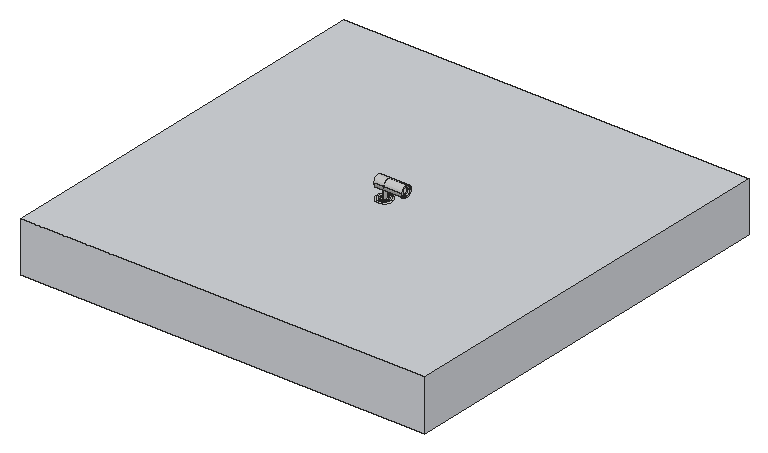
Revit family "LAMP_HANCE SEMI-RECESSED SPOT", category Modelos genéricos, Revit 2015
Parameters (values of type "1577LM 3000 BLACK")
  Weight = 0.85 kg
  Type = "COB PHILIPS"
  Total height = 260 mm
  Tilting angle [instance] = 90.00°
  Tilting [instance] = if(Tilting angle < 0.00°, 0.00°, if(Tilting angle > 90.00°, 90.00°, Tilting angle))  # 90.00°
  Rotation angle [instance] = 0.00°
  Rotation [instance] = if(Rotation angle < 0.00°, 90.00°, if(Rotation angle > 355.00°, 85.00°, Rotation angle + 90.00°))  # 90.00°
  Protection rating = "IP20"
  Profundidad tija = if(Longitud cuerpo = 210 mm, 18 mm, 8.2 mm)  # 8.2 mm
  Product datasheet = "http://www.lamp.es/product-files/TECH/HS1SR20SP830NBB-EN.pdf"
  Product code = "HS1SR20SP830NBB"
  Product URL = "http://www.lamp.es/en/family/hance_173901"
  Power Supply = "220-240V 50-60Hz"
  Power = 18 W
  Plum = 21 W
  Photometric web file = Cuerpo Hance SEMI-RECESSED SP (tilting) : 1577LM 3000 BLACK
  Modelo = Product code  # "HS1SR20SP830NBB"
  Model explanation = "Availability of tilting between 0º and 90º, rotation between 0º and 355º and change ring color when placed in a project."
  Material base = LAMP_Aluminio Hance Negro
  Material tija = LAMP_Aluminio Hance Negro
  Manufacturer name = "LAMP"
  Manufacturer country = "Spain"
  Manufacturer URL = "http://www.lamp.es/es/"
  MacAdam = "3"
  Luminaire type = "Indoor - Spotlight"
  Longitud cuerpo = 170 mm
  Longitud aro = if(Longitud cuerpo = 135 mm, 63.6 mm, if(Longitud cuerpo = 170 mm, 98.6 mm, 138.6 mm))  # 98.6 mm
  Last update = "08/08/2018"
  Lamp = "COB LED"
  LED Lifetime = "50.000 L80 B10"
  Insulation class = "I"
  Installation instructions = "http://www.lamp.es/product-files/ins/1004280%20-%20instr.%20hance%20spotlight%20220v.pdf"
  Initial intensity = 1577 lm
  Initial color = 3000 K
  IEE = "A"
  Gear = "Electronic"
  Finish = "Texturised black"
  Fabricante = Manufacturer name  # "LAMP"
  Default Elevation = 1219.2 mm
  Efficacy = 75.12 lm/W
  Diameter = 65 mm
  Descripción = "HANCE REC 2000 WW SP BK."
  Decorative ring [instance] = Aro decorativo (tilting) : Black
  Comentarios de tipo = Model explanation  # "Availability of tilting between 0º and 90º, rotation between 0º and 355º and change ring color when placed in a project."
  CRI = "80"
  Body height = 170 mm
  Angulo aro [instance] = if(Tilting = 90.00°, 90.00°, -Tilting + 180.00°)  # 90.00°
  Anchura tija = if(Longitud cuerpo = 210 mm, 28 mm, 23 mm)  # 23 mm
  Altura tija = if(Longitud cuerpo = 210 mm, 49 mm, 63 mm)  # 63 mm
Types (17, lengths in mm): name | Weight | Total height | Profundidad tija | Product datasheet | Product code | Power | Plum | Photometric web file | Modelo | Material base | Material tija | Longitud cuerpo | Longitud aro | LED Lifetime | Initial intensity | Initial color | IEE | Finish | Efficacy | Diameter | Descripción | Body height | Anchura tija | Altura tija
  (no name) | 0.85 kg | 260 | 8.2 | "http://www.lamp.es/product-files/TECH/HS1SR20SP830NBB-EN.pdf" | "HS1SR20SP830NBB" | 18 W | 21 W | Cuerpo Hance SEMI-RECESSED SP (tilting) : 1577LM 3000 BLACK | "HS1SR20SP830NBB" | LAMP_Aluminio Hance Negro | LAMP_Aluminio Hance Negro | 170 | 98.6 | "50.000 L80 B10" | 1577 lm | 3000 K | "A" | "Texturised black" | 75.12 lm/W | 65 | "HANCE REC 2000 WW SP BK." | 170 | 23 | 63
  736LM 3000 BLACK | 0.70 kg | 224 | 8.2 | "http://www.lamp.es/product-files/TECH/HS1SR10SP830NBB-EN.pdf" | "HS1SR10SP830NBB" | 7 W | 8.2 W | Cuerpo Hance SEMI-RECESSED SP (tilting) : 736LM 3000 BLACK | "HS1SR10SP830NBB" | LAMP_Aluminio Hance Negro | LAMP_Aluminio Hance Negro | 135 | 63.6 | "50.000 L90 B10" | 736 lm | 3000 K | "A+" | "Texturised black" | 89.78 lm/W | 65 | "HANCE REC 1000 WW SP BK." | 135 | 23 | 63
  736LM 3000 WHITE | 0.70 kg | 224 | 8.2 | "http://www.lamp.es/product-files/TECH/HS1SR10SP830NBW-EN.pdf" | "HS1SR10SP830NBW" | 7 W | 8.2 W | Cuerpo Hance SEMI-RECESSED SP (tilting) : 736LM 3000 WHITE | "HS1SR10SP830NBW" | LAMP_Aluminio Hance Blanco | LAMP_Aluminio Hance Blanco | 135 | 63.6 | "50.000 L90 B10" | 736 lm | 3000 K | "A+" | "Texturised matt white" | 89.78 lm/W | 65 | "HANCE REC 1000 WW SP WH." | 135 | 23 | 63
  778LM 4000 BLACK | 0.70 kg | 224 | 8.2 | "http://www.lamp.es/product-files/TECH/HS1SR10SP840NBB-EN.pdf" | "HS1SR10SP840NBB" | 7 W | 8.2 W | Cuerpo Hance SEMI-RECESSED SP (tilting) : 778LM 4000 BLACK | "HS1SR10SP840NBB" | LAMP_Aluminio Hance Negro | LAMP_Aluminio Hance Negro | 135 | 63.6 | "50.000 L90 B10" | 778 lm | 4000 K | "A+" | "Texturised black" | 94.88 lm/W | 65 | "HANCE REC 1000 NW SP BK." | 135 | 23 | 63
  778LM 4000 WHITE | 0.70 kg | 224 | 8.2 | "http://www.lamp.es/product-files/TECH/HS1SR10SP840NBW-EN.pdf" | "HS1SR10SP840NBW" | 7 W | 8.2 W | Cuerpo Hance SEMI-RECESSED SP (tilting) : 778LM 4000 WHITE | "HS1SR10SP840NBW" | LAMP_Aluminio Hance Blanco | LAMP_Aluminio Hance Blanco | 135 | 63.6 | "50.000 L90 B10" | 778 lm | 4000 K | "A+" | "Texturised matt white" | 94.88 lm/W | 65 | "HANCE REC 1000 NW SP WH." | 135 | 23 | 63
  1577LM 3000 BLACK | 0.85 kg | 260 | 8.2 | "http://www.lamp.es/product-files/TECH/HS1SR20SP830NBB-EN.pdf" | "HS1SR20SP830NBB" | 18 W | 21 W | Cuerpo Hance SEMI-RECESSED SP (tilting) : 1577LM 3000 BLACK | "HS1SR20SP830NBB" | LAMP_Aluminio Hance Negro | LAMP_Aluminio Hance Negro | 170 | 98.6 | "50.000 L80 B10" | 1577 lm | 3000 K | "A" | "Texturised black" | 75.12 lm/W | 65 | "HANCE REC 2000 WW SP BK." | 170 | 23 | 63
  1577LM 3000 WHITE | 0.85 kg | 260 | 8.2 | "http://www.lamp.es/product-files/TECH/HS1SR20SP830NBW-EN.pdf" | "HS1SR20SP830NBW" | 18 W | 21 W | Cuerpo Hance SEMI-RECESSED SP (tilting) : 736LM 3000 WHITE | "HS1SR20SP830NBW" | LAMP_Aluminio Hance Blanco | LAMP_Aluminio Hance Blanco | 170 | 98.6 | "50.000 L80 B10" | 1577 lm | 3000 K | "A" | "Texturised matt white" | 75.12 lm/W | 65 | "HANCE REC 2000 WW SP WH." | 170 | 23 | 63
  1667LM 4000 BLACK | 0.85 kg | 260 | 8.2 | "http://www.lamp.es/product-files/TECH/HS1SR20SP840NBB-EN.pdf" | "HS1SR20SP840NBB" | 18 W | 21 W | Cuerpo Hance SEMI-RECESSED SP (tilting) : 778LM 4000 BLACK | "HS1SR20SP840NBB" | LAMP_Aluminio Hance Negro | LAMP_Aluminio Hance Negro | 170 | 98.6 | "50.000 L80 B10" | 1667 lm | 4000 K | "A+" | "Texturised black" | 79.38 lm/W | 65 | "HANCE REC 2000 NW SP BK." | 170 | 23 | 63
  1667LM 4000 WHITE | 0.85 kg | 260 | 8.2 | "http://www.lamp.es/product-files/TECH/HS1SR20SP840NBW-EN.pdf" | "HS1SR20SP840NBW" | 18 W | 21 W | Cuerpo Hance SEMI-RECESSED SP (tilting) : 1667LM 4000 WHITE | "HS1SR20SP840NBW" | LAMP_Aluminio Hance Blanco | LAMP_Aluminio Hance Blanco | 170 | 98.6 | "50.000 L80 B10" | 1667 lm | 4000 K | "A+" | "Texturised matt white" | 79.38 lm/W | 65 | "HANCE REC 2000 NW SP WH." | 170 | 23 | 63
  2541LM 3000 BLACK | 1.70 kg | 300 | 18 | "http://www.lamp.es/product-files/TECH/HS1SR30SP830NBB-EN.pdf" | "HS1SR30SP830NBB" | 26 W | 28.6 W | Cuerpo Hance SEMI-RECESSED SP (tilting) : 2541LM 3000 BLACK | "HS1SR30SP830NBB" | LAMP_Aluminio Hance Negro | LAMP_Aluminio Hance Negro | 210 | 138.6 | "50.000 L80 B10" | 2541 lm | 3000 K | "A+" | "Texturised black" | 88.83 lm/W | 90 | "HANCE REC 3000 WW SP BK." | 210 | 28 | 49
  2541LM 3000 WHITE | 1.70 kg | 300 | 18 | "http://www.lamp.es/product-files/TECH/HS1SR30SP830NBW-EN.pdf" | "HS1SR30SP830NBW" | 26 W | 28.6 W | Cuerpo Hance SEMI-RECESSED SP (tilting) : 2541LM 3000 WHITE | "HS1SR30SP830NBW" | LAMP_Aluminio Hance Blanco | LAMP_Aluminio Hance Blanco | 210 | 138.6 | "50.000 L80 B10" | 2541 lm | 3000 K | "A+" | "Texturised matt white" | 88.83 lm/W | 90 | "HANCE REC 3000 WW SP WH." | 210 | 28 | 49
  2656LM 4000 BLACK | 1.70 kg | 300 | 18 | "http://www.lamp.es/product-files/TECH/HS1SR30SP840NBB-EN.pdf" | "HS1SR30SP840NBB" | 26 W | 28.6 W | Cuerpo Hance SEMI-RECESSED SP (tilting) : 2656LM 4000 BLACK | "HS1SR30SP840NBB" | LAMP_Aluminio Hance Negro | LAMP_Aluminio Hance Negro | 210 | 138.6 | "50.000 L80 B10" | 2656 lm | 4000 K | "A+" | "Texturised black" | 92.87 lm/W | 90 | "HANCE REC 3000 NW SP BK." | 210 | 28 | 49
  2656LM 4000 WHITE | 1.70 kg | 300 | 18 | "http://www.lamp.es/product-files/TECH/HS1SR30SP840NBW-EN.pdf" | "HS1SR30SP840NBW" | 26 W | 28.6 W | Cuerpo Hance SEMI-RECESSED SP (tilting) : 2656LM 4000 WHITE | "HS1SR30SP840NBW" | LAMP_Aluminio Hance Blanco | LAMP_Aluminio Hance Blanco | 210 | 138.6 | "50.000 L80 B10" | 2656 lm | 4000 K | "A+" | "Texturised matt white" | 92.87 lm/W | 90 | "HANCE REC 3000 NW SP WH." | 210 | 28 | 49
  3295LM 3000 BLACK | 1.70 kg | 300 | 18 | "http://www.lamp.es/product-files/TECH/HS1SR40SP830NBB-EN.pdf" | "HS1SR40SP830NBB" | 35 W | 39.5 W | Cuerpo Hance SEMI-RECESSED SP (tilting) : 3295LM 3000 BLACK | "HS1SR40SP830NBB" | LAMP_Aluminio Hance Negro | LAMP_Aluminio Hance Negro | 210 | 138.6 | "50.000 L80 B10" | 3295 lm | 3000 K | "A+" | "Texturised black" | 83.42 lm/W | 90 | "HANCE REC 4000 WW SP BK." | 210 | 28 | 49
  3295LM 3000 WHITE | 1.70 kg | 300 | 18 | "http://www.lamp.es/product-files/TECH/HS1SR40SP830NBW-EN.pdf" | "HS1SR40SP830NBW" | 35 W | 39.5 W | Cuerpo Hance SEMI-RECESSED SP (tilting) : 3295LM 3000 WHITE | "HS1SR40SP830NBW" | LAMP_Aluminio Hance Blanco | LAMP_Aluminio Hance Blanco | 210 | 138.6 | "50.000 L80 B10" | 3295 lm | 3000 K | "A+" | "Texturised matt white" | 83.42 lm/W | 90 | "HANCE REC 4000 WW SP WH." | 210 | 28 | 49
  3431LM 4000 BLACK | 1.70 kg | 300 | 18 | "http://www.lamp.es/product-files/TECH/HS1SR40SP840NBB-EN.pdf" | "HS1SR40SP840NBB" | 35 W | 39.5 W | Cuerpo Hance SEMI-RECESSED SP (tilting) : 3431LM 4000 BLACK | "HS1SR40SP840NBB" | LAMP_Aluminio Hance Negro | LAMP_Aluminio Hance Negro | 210 | 138.6 | "50.000 L80 B10" | 3431 lm | 4000 K | "A+" | "Texturised black" | 86.86 lm/W | 90 | "HANCE REC 4000 NW SP BK." | 210 | 28 | 49
  3431LM 4000 WHITE | 1.70 kg | 300 | 18 | "http://www.lamp.es/product-files/TECH/HS1SR40SP840NBW-EN.pdf" | "HS1SR40SP840NBW" | 35 W | 39.5 W | Cuerpo Hance SEMI-RECESSED SP (tilting) : 3431LM 4000 WHITE | "HS1SR40SP840NBW" | LAMP_Aluminio Hance Blanco | LAMP_Aluminio Hance Blanco | 210 | 138.6 | "50.000 L80 B10" | 3431 lm | 4000 K | "A+" | "Texturised matt white" | 86.86 lm/W | 90 | "HANCE REC 4000 NW SP WH." | 210 | 28 | 49
Reference planes
  plane 1 "Centro (Frontal/Posterior)": y = 0
  plane 2: z = 0
  plane 3 "Centro (Izquierda/Derecha)": x = 0
Forms (mm)
  Extrusion 1, solid
    sketch origin (0, 0, 0) x (1, 0, 0) y (0, 1, 0)
      loop
        line (-1219.2, 1219.2) -> (-1219.2, -1219.2) -> (1219.2, -1219.2) -> (1219.2, 1219.2) -> (-1219.2, 1219.2)
    from 0 to -304.8
Lines and regions (mm)
  reference lines
    curve 1: line (0, 0, 0) -> (50, 0, 0)
Text (mm)
  text "Any modification of the parameters and properties of the LAMP BIM models must be executed and validated by the LAMP technical department.\n\nPhone: +34 93 736 68 00\n\nE-mail: lamp@lamp.es\n\n\n\nLAMP reserves the right to modify the technical specifications of its products." at (-20972.013, 13751.942, -8580.163), in view "Preview"
Dimensions and locks
  "Rotation": angle curve 1 to plane 3 "Centro (Izquierda/Derecha)"
  aligned and locked: plane 2 to Extrusion 1
  aligned and locked: level to Extrusion 1
  aligned and locked: plane 3 "Centro (Izquierda/Derecha)" to curve 1
  aligned and locked: plane 1 "Centro (Frontal/Posterior)" to curve 1
Automatic sketch dimensions
  Extrusion 1 sketch curve to Extrusion 1 sketch curve = 2438.4 mm  (x2)
Nested families
  nested 1: "Aro decorativo (tilting)" at (5.784, 0, 57.363) x (1, 0, 0) z (0, 0, -1), type <- "Decorative ring", type "Black"
    with Longitud 98.6 mm
  nested 2: "Tija track" at (6.297, 0, 2.2), type "Tija track"
  nested 3: "Tija semi-recessed" at (0, 0, 0), type "Tija semi-recessed"
    with Rotation angle 0.00°, Rotation 90.00°
  nested 4: "Cuerpo Hance SEMI-RECESSED SP (tilting)" at (5.759, 0, 57.345) x (1, 0, 0) z (0, 0, -1), type <- "Photometric web file", type "1577LM 3000 BLACK"
Connectors
  electrical at (0, 0, 0)
    settings: on nested 3, index 1, voltage 230 V, apparent load 0 VA, apparent load phase1 0 VA, apparent load phase2 0 VA, apparent load phase3 0 VA, power factor 1, load classification "Otro", number of poles 1, system type 31, power factor state 1, is connector primary yes, connector utility no, sub classification motor no, connector description ""
Definition of nested family "Aro decorativo (tilting)"
  Parameters (values of type "Copper")
    Weight (3000/4000) = 0.016 kg
    Weight (1000/2000) = 0.01 kg
    Tilting = 90.00°
    Product datasheet = ""
    Product code (3000/4000) = "HSRI90C"
    Product code (1000/2000) = "HSRI65C"
    Product URL = ""
    Model = ""
    Material aro = none
    Manufacturer name = "LAMP"
    Manufacturer country = "Spain"
    Manufacturer URL = "http://www.lamp.es/en"
    Longitud = 63.6 mm
    Last update = "21/05/2018"
    Installation instructions = ""
    Finish = "Metalized matt copper"
    Manufacturer = Manufacturer name  # "LAMP"
    Default Elevation = 1219.2 mm
    Diameter (3000/4000) = 90 mm
    Diameter (1000/2000) = 65 mm
    Description = ""
    Accessory Type = "Optic"
    3000/4000 Model = "HSRI90C"
    3000/4000 Description = "HANCE 3000/4000 ACC. RING DECO CO."
    1000/2000 Model = "HSRI65C"
    1000/2000 Description = "HANCE 1000/2000 ACC. RING DECO CO."
  Types (5, lengths in mm): name | Product code (3000/4000) | Product code (1000/2000) | Finish | 3000/4000 Model | 3000/4000 Description | 1000/2000 Model | 1000/2000 Description
    (no name) | "HSRI90C" | "HSRI65C" | "Metalized matt copper" | "HSRI90C" | "HANCE 3000/4000 ACC. RING DECO CO." | "HSRI65C" | "HANCE 1000/2000 ACC. RING DECO CO."
    Black | "HSRI90B" | "HSRI65B" | "Matt black" | "HSRI90B" | "HANCE 3000/4000 ACC. RING DECO BK." | "HSRI65B" | "HANCE 1000/2000 ACC. RING DECO BK."
    Copper | "HSRI90C" | "HSRI65C" | "Metalized matt copper" | "HSRI90C" | "HANCE 3000/4000 ACC. RING DECO CO." | "HSRI65C" | "HANCE 1000/2000 ACC. RING DECO CO."
    Grey | "HSRI90M" | "HSRI65M" | "Metalized matt silver" | "HSRI90M" | "HANCE 3000/4000 ACC. RING DECO MET." | "HSRI65M" | "HANCE 1000/2000 ACC. RING DECO MET."
    White | "HSRI90W" | "HSRI65W" | "Matt White" | "HSRI90W" | "HANCE 3000/4000 ACC. RING DECO WH." | "HSRI65W" | "HANCE 1000/2000 ACC. RING DECO WH."
  Reference planes
    plane 1 "Centro (Frontal/Posterior)": y = 0
    plane 2: z = 0
    plane 3 "Centro (Izquierda/Derecha)": x = 0
  Lines and regions (mm)
    reference lines
      curve 1: line (0, 0, 0) -> (0, 0, -27.9)
      curve 2: line (0, 0, -27.9) -> (80.8, 0, -27.9)
  Text (mm)
    text "Any modification of the parameters and properties of the LAMP BIM models must be executed and validated by the LAMP technical department.\n\nPhone: +34 93 736 68 00\n\nE-mail: lamp@lamp.es\n\n\n\nLAMP reserves the right to modify the technical specifications of its products." at (86527.204, -96597.187, 50741.736), in view "Preview"
  Dimensions and locks
    "Tilting": angle curve 1 to plane 2
    aligned and locked: level to plane 2
    aligned and locked: plane 3 "Centro (Izquierda/Derecha)" to curve 1
    aligned and locked: plane 2 to curve 1
  Automatic sketch dimensions
    curve 2 to curve 1 = 0 mm
    curve 1 to curve 2 = 0 mm
    curve 1 to curve 2 = 80.8 mm
  Nested families
    nested 1: "Aro decorativo" at (17.2, 0, 0), type "Copper"
  Definition of nested family "Aro decorativo"
    Parameters (values of type "Copper")
      Weight (3000/4000) = 0.016 kg
      Weight (1000/2000) = 0.01 kg
      Product datasheet = ""
      Product code (3000/4000) = "HSRI90C"
      Product code (1000/2000) = "HSRI65C"
      Product URL = ""
      Model = ""
      Material aro = none
      Manufacturer name = "LAMP"
      Manufacturer country = "Spain"
      Manufacturer URL = "http://www.lamp.es/en"
      Longitud = 63.6 mm
      Last update = "21/05/2018"
      Installation instructions = ""
      Finish = "Metalized matt copper"
      Manufacturer = Manufacturer name  # "LAMP"
      Default Elevation = 1219.2 mm
      Diametro vaciado aro interior = if(Diametro aro interior = 35.4 mm, 34.4 mm, 21.9 mm)  # 21.9 mm
      Diametro vaciado aro exterior = if(Diametro aro exterior = 42.9 mm, 41.9 mm, 29.4 mm)  # 29.4 mm
      Diametro aro interior = if(Diametro aro exterior = 42.9 mm, 35.4 mm, 22.9 mm)  # 22.9 mm
      Diametro aro exterior = if(Longitud = 138.6 mm, 42.9 mm, 30.4 mm)  # 30.4 mm
      Diameter (3000/4000) = 90 mm
      Diameter (1000/2000) = 65 mm
      Description = ""
      Accessory Type = "Optic"
      3000/4000 Model = "HSRI90C"
      3000/4000 Description = "HANCE 3000/4000 ACC. RING DECO CO."
      1000/2000 Description = "HANCE 1000/2000 ACC. RING DECO CO."
      1000/2000 Model = "HSRI65C"
    Types (5, lengths in mm): name | Product code (3000/4000) | Product code (1000/2000) | Finish | 3000/4000 Model | 3000/4000 Description | 1000/2000 Description | 1000/2000 Model
      (no name) | "HSRI90C" | "HSRI65C" | "Metalized matt copper" | "HSRI90C" | "HANCE 3000/4000 ACC. RING DECO CO." | "HANCE 1000/2000 ACC. RING DECO CO." | "HSRI65C"
      Black | "HSRI90B" | "HSRI65B" | "Matt black" | "HSRI90B" | "HANCE 3000/4000 ACC. RING DECO BK." | "HANCE 1000/2000 ACC. RING DECO BK." | "HSRI65B"
      Copper | "HSRI90C" | "HSRI65C" | "Metalized matt copper" | "HSRI90C" | "HANCE 3000/4000 ACC. RING DECO CO." | "HANCE 1000/2000 ACC. RING DECO CO." | "HSRI65C"
      Grey | "HSRI90M" | "HSRI65M" | "Metalized matt silver" | "HSRI90M" | "HANCE 3000/4000 ACC. RING DECO MET." | "HANCE 1000/2000 ACC. RING DECO MET." | "HSRI65M"
      White | "HSRI90W" | "HSRI65W" | "Matt white" | "HSRI90W" | "HANCE 3000/4000 ACC. RING DECO WH." | "HANCE 1000/2000 ACC. RING DECO WH." | "HSRI65W"
    Reference planes
      plane 1 "Centro (Frontal/Posterior)": y = 0
      plane 2: z = 0
      plane 3 "Centro (Izquierda/Derecha)": x = 0
    Forms (mm)
      Revolve 1, solid, material <- "Material aro"
        sketch origin (0, 0, -27.9) x (1, 0, 0) y (0, 0, 1)
          loop
            line (63.6, 0) -> (73.782, 0) -> (73.782, 30.4) -> (63.6, 22.9) -> (63.6, 0)
          axis (73.782, 0) -> (63.6, 0)
        angle from 0 to 360
      Revolve 2, void
        sketch origin (0, 0, -27.9) x (1, 0, 0) y (0, 0, 1)
          loop
            line (73.782, 29.4) -> (63.6, 21.9) -> (63.6, 0) -> (73.782, 0) -> (73.782, 29.4)
          axis (63.6, 0) -> (73.782, 0)
        angle from 0 to 360
    Cuts and joins
      Revolve 2 cuts Revolve 1
    Lines and regions (mm)
      reference lines
        curve 1: line (0, 0, -27.9) -> (63.6, 0, -27.9)
    Text (mm)
      text "Any modification of the parameters and properties of the LAMP BIM models must be executed and validated by the LAMP technical department.\n\nPhone: +34 93 736 68 00\n\nE-mail: lamp@lamp.es\n\n\n\nLAMP reserves the right to modify the technical specifications of its products." at (91886.357, -93022.329, 47898.266), in view "Preview"
    Dimensions and locks
      "Diametro aro exterior": Revolve 1 sketch curve to Revolve 1 sketch curve
      "Diametro vaciado aro exterior": Revolve 2 sketch curve to Revolve 2 sketch curve
      "Longitud": curve 1 to plane 3 "Centro (Izquierda/Derecha)"
      "Diametro aro interior": Revolve 1 sketch curve to Revolve 1 sketch curve
      "Diametro vaciado aro interior": Revolve 2 sketch curve to Revolve 2 sketch curve
      aligned and locked: level to plane 2
    Automatic sketch dimensions
      Revolve 1 sketch curve to curve 1 = 0 mm  (x4)
      curve 1 to Revolve 1 sketch curve = 10.182 mm
      Revolve 1 sketch curve to Revolve 1 sketch curve = 0 mm
      Revolve 2 sketch curve to curve 1 = 0 mm  (x3)
      curve 1 to Revolve 2 sketch curve = 10.182 mm
      Revolve 2 sketch curve to curve 1 = 1261.008 mm
      Revolve 2 sketch curve to Revolve 2 sketch curve = 1898.983 mm
      curve 1 to plane 3 "Centro (Izquierda/Derecha)" = 0 mm
      curve 1 to level = 27.9 mm
Definition of nested family "Tija track"
  Parameters (values of type "Tija track")
    Profundidad tija = 8.2 mm
    Material tija = none
    Default Elevation = 1219.2 mm
    Anchura tija = 23 mm
    Profundo vaciado = if(Profundidad tija = 18 mm, 10.8 mm, 1 mm)  # 1 mm
    Ancho vaciado = Anchura tija  # 23 mm
    Altura tija = 63 mm
  Reference planes
    plane 1 "Centro (Frontal/Posterior)": y = 0
    plane 2: z = 0
    plane 3 "Centro (Izquierda/Derecha)": x = 0
  Forms (mm)
    Extrusion 1, solid
      sketch origin (0, 0, 0) x (1, 0, 0) y (0, 1, 0)
        loop
          line (-1219.2, 1219.2) -> (-1219.2, -1219.2) -> (1219.2, -1219.2) -> (1219.2, 1219.2) -> (-1219.2, 1219.2)
      from 0 to -304.8
    Extrusion 2, solid, material <- "Material tija"
      sketch origin (0, 0, -18) x (1, 0, 0) y (0, 0, 1)
        loop
          line (4.1, 18) -> (4.1, 81) -> (-6.297, 81)
          arc (-6.297, 81) -> (-12.297, 75) -> (-6.297, 69) r 6
          line (-6.297, 69) -> (-4.1, 69) -> (-4.1, 18) -> (4.1, 18)
      from -11.5 to 11.5
    Extrusion 3, void
      sketch origin (0, 0, -20) x (-1, 0, 0) y (0, 0, 1)
        loop
          circle (7.297, 77) r 3
        loop
          circle (7.297, 63) r 3
      from -17.317 to 15.502
    Extrusion 4, void
      sketch origin (1, -11.5, 0) x (-1, 0, 0) y (0, 1, 0)
        loop
          line (0, 23) -> (-38.141, 23) -> (-38.141, 0) -> (0, 0)
          arc (0, 0) -> (-1.663, 11.5) -> (0, 23) r 40.6
      from -63 to 0
  Cuts and joins
    Extrusion 3, Extrusion 4 cuts Extrusion 2
  Lines and regions (mm)
    reference lines
      curve 1: line (1, -11.5, 0) -> (1, 11.5, 0)
  Dimensions and locks
    equal spacing: cut or joined group of Extrusion 2, Extrusion 3, Extrusion 4, plane 1 "Centro (Frontal/Posterior)", cut or joined group of Extrusion 2, Extrusion 3, Extrusion 4
    "Anchura tija": cut or joined group of Extrusion 2, Extrusion 3, Extrusion 4 to cut or joined group of Extrusion 2, Extrusion 3, Extrusion 4
    plane 1 "Centro (Frontal/Posterior)" to Extrusion 4 sketch curve = 11.5 mm
    "Altura tija": Extrusion 2 sketch curve to Extrusion 2 sketch curve
    "Profundidad tija": cut or joined group of Extrusion 2, Extrusion 3, Extrusion 4 to cut or joined group of Extrusion 2, Extrusion 3, Extrusion 4
    locked: cut or joined group of Extrusion 2, Extrusion 3, Extrusion 4 to plane 3 "Centro (Izquierda/Derecha)" at 4.1
    locked: plane 3 "Centro (Izquierda/Derecha)" to Extrusion 4 sketch curve at 39.141
    "Profundo vaciado": plane 3 "Centro (Izquierda/Derecha)" to curve 1
    "Ancho vaciado": Extrusion 4 sketch curve to Extrusion 4 sketch curve
    equal spacing: Extrusion 4 sketch curve, plane 1 "Centro (Frontal/Posterior)", Extrusion 4 sketch curve
    aligned and locked: plane 2 to Extrusion 1
    aligned and locked: level to Extrusion 1
  Automatic sketch dimensions
    Extrusion 1 sketch curve to Extrusion 1 sketch curve = 2438.4 mm  (x2)
    Extrusion 3 sketch curve to plane 3 "Centro (Izquierda/Derecha)" = 7.297 mm  (x2)
    level to Extrusion 3 sketch curve = 43 mm
    Extrusion 3 sketch curve to Extrusion 3 sketch curve = 14 mm
    Extrusion 2 sketch curve to level = 0 mm
    Extrusion 2 sketch curve to plane 3 "Centro (Izquierda/Derecha)" = 6.297 mm
    Extrusion 2 sketch curve to Extrusion 2 sketch curve = 2.197 mm
    plane 3 "Centro (Izquierda/Derecha)" to Extrusion 2 sketch curve = 4.1 mm
    Extrusion 2 sketch curve to Extrusion 2 sketch curve = 12 mm
    plane 1 "Centro (Frontal/Posterior)" to curve 1 = 11.5 mm
    curve 1 to plane 1 "Centro (Frontal/Posterior)" = 11.5 mm
    Extrusion 4 sketch curve to curve 1 = 0 mm  (x2)
    curve 1 to Extrusion 4 sketch curve = 38.937 mm
    radius of Extrusion 3 sketch curve = 3 mm  (x2)
Definition of nested family "Tija semi-recessed"
  Parameters (values of type "Tija semi-recessed")
    Rotation angle [instance] = 0.00°
    Rotation [instance] = if(Rotation angle < 0.00°, 90.00°, if(Rotation angle > 355.00°, 85.00°, Rotation angle + 90.00°))  # 90.00°
    Material base = none
    Default Elevation = 1219.2 mm
  Reference planes
    plane 1 "Centro (Frontal/Posterior)": y = 0
    plane 2: z = 0
    plane 3 "Centro (Izquierda/Derecha)": x = 0
  Forms (mm)
    Extrusion 1, solid
      sketch origin (0, 0, 0) x (1, 0, 0) y (0, 1, 0)
        loop
          line (-1219.2, 1219.2) -> (-1219.2, -1219.2) -> (1219.2, -1219.2) -> (1219.2, 1219.2) -> (-1219.2, 1219.2)
      from 0 to -304.8
    Revolve 2, solid, material <- "Material base"
      sketch origin (0, 0, 0) x (1, 0, 0) y (0, 0, 1)
        loop
          line (-47, 0) -> (0, 0) -> (0, 2.2) -> (-42, 2.2)
          arc (-42, 2.2) -> (-44.731, 1.626) -> (-47, 0) r 6.782
        axis (0, 2.2) -> (0, 0)
      angle from 0 to 360
    Extrusion 3, void
      sketch origin (0, 0, 0) x (1, 0, 0) y (0, 1, 0)
        loop
          circle (0, 0) r 24
      from 0 to 2.2
    Revolve 4, solid, material <- "Material base"
      sketch origin (0, 0, 0) x (1, 0, 0) y (0, 0, 1)
        loop
          line (0, 0) -> (0, 2.2) -> (-24, 2.2) -> (-24, 0) -> (0, 0)
        axis (0, 2.2) -> (0, 0)
      angle from 0 to 360
  Cuts and joins
    Extrusion 3 cuts Revolve 2
  Lines and regions (mm)
    reference lines
      curve 1: line (0, 0, 0) -> (100, 0, 0)
  Dimensions and locks
    "Rotation": angle curve 1 to plane 3 "Centro (Izquierda/Derecha)"
    aligned and locked: plane 2 to Extrusion 1
    aligned and locked: level to Extrusion 1
    aligned and locked: plane 3 "Centro (Izquierda/Derecha)" to curve 1
    aligned and locked: plane 1 "Centro (Frontal/Posterior)" to curve 1
  Automatic sketch dimensions
    Extrusion 1 sketch curve to Extrusion 1 sketch curve = 2438.4 mm  (x2)
    Revolve 2 sketch curve to level = 0 mm
    Revolve 2 sketch curve to plane 3 "Centro (Izquierda/Derecha)" = 0 mm  (x2)
    Revolve 2 sketch curve to level = 4.582 mm
    Revolve 2 sketch curve to plane 3 "Centro (Izquierda/Derecha)" = 42 mm
    Revolve 2 sketch curve to Revolve 2 sketch curve = 5 mm
    Revolve 2 sketch curve to Revolve 2 sketch curve = 605.018 mm
    Revolve 2 sketch curve to Revolve 2 sketch curve = 2606.858 mm
    plane 1 "Centro (Frontal/Posterior)" to Extrusion 3 sketch curve = 0 mm
    Extrusion 3 sketch curve to plane 3 "Centro (Izquierda/Derecha)" = 0 mm
    Revolve 4 sketch curve to level = 0 mm
    Revolve 4 sketch curve to plane 3 "Centro (Izquierda/Derecha)" = 0 mm  (x2)
    level to Revolve 4 sketch curve = 2.2 mm
    Revolve 4 sketch curve to Revolve 4 sketch curve = 24 mm
    Revolve 4 sketch curve to level = 609.6 mm
    Revolve 4 sketch curve to Revolve 4 sketch curve = 2606.858 mm
    radius of Extrusion 3 sketch curve = 24 mm
Definition of nested family "Cuerpo Hance SEMI-RECESSED SP (tilting)"
  Parameters (values of type "736LM 3000 BLACK")
    Tilting = 90.00°
    Photometric web file = Cuerpo Hance SURFACE SP : 736LM 3000 BLACK
    Longitud cuerpo = 135 mm
    Default Elevation = 1219.2 mm
  Types (17, lengths in mm): name | Photometric web file | Longitud cuerpo
    (no name) | Cuerpo Hance SURFACE SP : 736LM 3000 BLACK | 135
    736LM 3000 BLACK | Cuerpo Hance SURFACE SP : 736LM 3000 BLACK | 135
    736LM 3000 WHITE | Cuerpo Hance SURFACE SP : 736LM 3000 WHITE | 135
    778LM 4000 BLACK | Cuerpo Hance SURFACE SP : 778LM 4000 BLACK | 135
    778LM 4000 WHITE | Cuerpo Hance SURFACE SP : 778LM 4000 WHITE | 135
    1577LM 3000 BLACK | Cuerpo Hance SURFACE SP : 1577LM 3000 BLACK | 170
    1577LM 3000 WHITE | Cuerpo Hance SURFACE SP : 1577LM 3000 WHITE | 170
    1667LM 4000 BLACK | Cuerpo Hance SURFACE SP : 1667LM 4000 BLACK | 170
    1667LM 4000 WHITE | Cuerpo Hance SURFACE SP : 1667LM 4000 WHITE | 170
    2541LM 3000 BLACK | Cuerpo Hance SURFACE SP : 2541LM 3000 BLACK | 210
    2541LM 3000 WHITE | Cuerpo Hance SURFACE SP : 2541LM 3000 WHITE | 210
    2656LM 4000 BLACK | Cuerpo Hance SURFACE SP : 2656LM 4000 BLACK | 210
    2656LM 4000 WHITE | Cuerpo Hance SURFACE SP : 2656LM 4000 WHITE | 210
    3295LM 3000 BLACK | Cuerpo Hance SURFACE SP : 3295LM 3000 BLACK | 210
    3295LM 3000 WHITE | Cuerpo Hance SURFACE SP : 3295LM 3000 WHITE | 210
    3431LM 4000 BLACK | Cuerpo Hance SURFACE SP : 3431LM 4000 BLACK | 210
    3431LM 4000 WHITE | Cuerpo Hance SURFACE SP : 3431LM 4000 WHITE | 210
  Reference planes
    plane 1 "Centro (Frontal/Posterior)": y = 0
    plane 2: z = 0
    plane 3 "Centro (Izquierda/Derecha)": x = 0
  Lines and regions (mm)
    reference lines
      curve 1: line (0, 0, 0) -> (200, 0, 0)
  Dimensions and locks
    "Tilting": angle plane 3 "Centro (Izquierda/Derecha)" to curve 1
    aligned and locked: level to plane 2
    aligned and locked: plane 3 "Centro (Izquierda/Derecha)" to curve 1
    aligned and locked: plane 2 to curve 1
  Nested families
    nested 1: "Cuerpo Hance SURFACE SP" at (0, 0, 0), type <- "Photometric web file", type "736LM 3000 BLACK"
  Definition of nested family "Cuerpo Hance SURFACE SP"
    Parameters (values of type "736LM 3000 BLACK")
      Tilt Angle = 90.00° + Tilting  # 180.00°
      Wattage = 8.2 W
      Tilting = 90.00°
      built-in parameter 1150107 = 3000 (stored number, unit not read)
      Radio vacio posterior = Radio cuerpo - 2.2 mm  # 30.3 mm
      Radio vaciado = Radio cuerpo - 1.5 mm  # 31 mm
      Radio cuerpo = if(Longitud cuerpo = 210 mm, 45 mm, 32.5 mm)  # 32.5 mm
      built-in parameter 1150110 = 1 (stored number, unit not read)
      built-in parameter 1150109 = 1 (stored number, unit not read)
      built-in parameter 1150112 = 1 (stored number, unit not read)
      built-in parameter 1150113 = 1 (stored number, unit not read)
      built-in parameter 1114218 = 1 (stored number, unit not read)
      built-in parameter 1150137 = (empty or 0)
      built-in parameter 1150132 = 2
      Material reflector = none
      Material cuerpo = none
      Material COB = none
      Longitud cuerpo = 135 mm
      Long. origen luz = if(Longitud cuerpo = 135 mm, 20 mm, if(Longitud cuerpo = 170 mm, 55 mm, 90 mm))  # 20 mm
      L_3 = if(Ancho disipador posterior = 80.4 mm, 39.6 mm, 12 mm)  # 12 mm
      L_2 = if(Ancho disipador posterior = 80.4 mm, 36.3 mm, 22.6 mm)  # 22.6 mm
      L_1 = if(Ancho disipador posterior = 80.4 mm, 36.8 mm, 25.4 mm)  # 25.4 mm
      built-in parameter 1150105 = 12848.5 (stored number, unit not read)
      built-in parameter 1150102 = (empty or 0)
      built-in parameter 1150106 = 128.48 (stored number, unit not read)
      Lumens = 736.196 lm
      Color Filter = 16777215
      built-in parameter 1114217 = 1 (stored number, unit not read)
      built-in parameter 1150139 = (empty or 0)
      Default Elevation = 1219.2 mm
      built-in parameter 1150104 = 8.3408 (stored number, unit not read)
      Efficacy = 89.78 lm/W
      Diametro aro = if(Radio cuerpo = 45 mm, 42.9 mm, 30.4 mm)  # 30.4 mm
      built-in parameter 1150115 = 1 (stored number, unit not read)
      built-in parameter 1150114 = 1 (stored number, unit not read)
      built-in parameter 1150138 = (empty or 0)
      built-in parameter 1150134 = (empty or 0)
      Dimming Lamp Color Temperature Shift = (empty or 0)
      Photometric Web File = "HS1SF10SP830NBB.IES"
      Ancho vaciado reflector = if(Radio cuerpo = 45 mm, 34.4 mm, 21.9 mm)  # 21.9 mm
      Ancho reflector = if(Radio cuerpo = 45 mm, 35.4 mm, 22.9 mm)  # 22.9 mm
      Ancho disipador posterior = if(Radio cuerpo = 32.5 mm, 53 mm, 80.4 mm)  # 53 mm
      built-in parameter 1150133 = 10 (stored number, unit not read)
      Altura disipador superior = if(Radio cuerpo = 45 mm, 23.9 mm, 36.9 mm)  # 36.9 mm
      Ancho disipador superior = if(Radio cuerpo = 45 mm, 28 mm, 22.6 mm)  # 22.6 mm
    Types (16, lengths in mm): name | Wattage | built-in parameter 1150107 | Radio vacio posterior | Radio vaciado | Radio cuerpo | Longitud cuerpo | Long. origen luz | L_3 | L_2 | L_1 | built-in parameter 1150105 | built-in parameter 1150106 | Lumens | built-in parameter 1150104 | Efficacy | Diametro aro | built-in parameter 1150134 | Photometric Web File | Ancho vaciado reflector | Ancho reflector | Ancho disipador posterior | Altura disipador superior | Ancho disipador superior
      736LM 3000 BLACK | 8.2 W | 3000 (stored number, unit not read) | 30.3 | 31 | 32.5 | 135 | 20 | 12 | 22.6 | 25.4 | 12848.5 (stored number, unit not read) | 128.48 (stored number, unit not read) | 736.196 lm | 8.3408 (stored number, unit not read) | 89.78 lm/W | 30.4 | (empty or 0) | "HS1SF10SP830NBB.IES" | 21.9 | 22.9 | 53 | 36.9 | 22.6
      736LM 3000 WHITE | 8.2 W | 3000 (stored number, unit not read) | 30.3 | 31 | 32.5 | 135 | 20 | 12 | 22.6 | 25.4 | 12848.5 (stored number, unit not read) | 128.48 (stored number, unit not read) | 736.196 lm | 8.3408 (stored number, unit not read) | 89.78 lm/W | 30.4 | (empty or 0) | "HS1SF10SP830NBW.IES" | 21.9 | 22.9 | 53 | 36.9 | 22.6
      778LM 4000 BLACK | 8.2 W | 4000 (stored number, unit not read) | 30.3 | 31 | 32.5 | 135 | 20 | 12 | 22.6 | 25.4 | 13578.3 (stored number, unit not read) | 135.78 (stored number, unit not read) | 778.016 lm | 8.8146 (stored number, unit not read) | 94.88 lm/W | 30.4 | 12 | "HS1SF10SP840NBB.IES" | 21.9 | 22.9 | 53 | 36.9 | 22.6
      778LM 4000 WHITE | 8.2 W | 4000 (stored number, unit not read) | 30.3 | 31 | 32.5 | 135 | 20 | 12 | 22.6 | 25.4 | 13578.3 (stored number, unit not read) | 135.78 (stored number, unit not read) | 778.016 lm | 8.8146 (stored number, unit not read) | 94.88 lm/W | 30.4 | 12 | "HS1SF10SP840NBW.IES" | 21.9 | 22.9 | 53 | 36.9 | 22.6
      1577LM 3000 BLACK | 21 W | 3000 (stored number, unit not read) | 30.3 | 31 | 32.5 | 170 | 55 | 12 | 22.6 | 25.4 | 8331.3 (stored number, unit not read) | 83.313 (stored number, unit not read) | 1577.52 lm | 6.9789 (stored number, unit not read) | 75.12 lm/W | 30.4 | (empty or 0) | "HS1SF20SP830NBB.IES" | 21.9 | 22.9 | 53 | 36.9 | 22.6
      1577LM 3000 WHITE | 21 W | 3000 (stored number, unit not read) | 30.3 | 31 | 32.5 | 170 | 55 | 12 | 22.6 | 25.4 | 8331.3 (stored number, unit not read) | 83.313 (stored number, unit not read) | 1577.52 lm | 6.9789 (stored number, unit not read) | 75.12 lm/W | 30.4 | (empty or 0) | "HS1SF20SP830NBW.IES" | 21.9 | 22.9 | 53 | 36.9 | 22.6
      1667LM 4000 BLACK | 21 W | 4000 (stored number, unit not read) | 30.3 | 31 | 32.5 | 170 | 55 | 12 | 22.6 | 25.4 | 9070.2 (stored number, unit not read) | 90.702 (stored number, unit not read) | 1666.98 lm | 7.3746 (stored number, unit not read) | 79.38 lm/W | 30.4 | 12 | "HS1SF20SP840NBB.IES" | 21.9 | 22.9 | 53 | 36.9 | 22.6
      1667LM 4000 WHITE | 21 W | 4000 (stored number, unit not read) | 30.3 | 31 | 32.5 | 170 | 55 | 12 | 22.6 | 25.4 | 9070.2 (stored number, unit not read) | 90.702 (stored number, unit not read) | 1666.98 lm | 7.3746 (stored number, unit not read) | 79.38 lm/W | 30.4 | 12 | "HS1SF20SP840NBW.IES" | 21.9 | 22.9 | 53 | 36.9 | 22.6
      2541LM 3000 BLACK | 28.6 W | 3000 (stored number, unit not read) | 42.8 | 43.5 | 45 | 210 | 90 | 39.6 | 36.3 | 36.8 | 13823.3 (stored number, unit not read) | 138.23 (stored number, unit not read) | 2540.54 lm | 8.2526 (stored number, unit not read) | 88.83 lm/W | 42.9 | (empty or 0) | "HS1SF30SP830NBB.IES" | 34.4 | 35.4 | 80.4 | 23.9 | 28
      2541LM 3000 WHITE | 28.6 W | 3000 (stored number, unit not read) | 42.8 | 43.5 | 45 | 210 | 90 | 39.6 | 36.3 | 36.8 | 13823.3 (stored number, unit not read) | 138.23 (stored number, unit not read) | 2540.54 lm | 8.2526 (stored number, unit not read) | 88.83 lm/W | 42.9 | (empty or 0) | "HS1SF30SP830NBW.IES" | 34.4 | 35.4 | 80.4 | 23.9 | 28
      2656LM 4000 BLACK | 28.6 W | 4000 (stored number, unit not read) | 42.8 | 43.5 | 45 | 210 | 90 | 39.6 | 36.3 | 36.8 | 19226 (stored number, unit not read) | 192.26 (stored number, unit not read) | 2656.08 lm | 8.6279 (stored number, unit not read) | 92.87 lm/W | 42.9 | 12 | "HS1SF30SP840NBB.IES" | 34.4 | 35.4 | 80.4 | 23.9 | 28
      2656LM 4000 WHITE | 28.6 W | 4000 (stored number, unit not read) | 42.8 | 43.5 | 45 | 210 | 90 | 39.6 | 36.3 | 36.8 | 19226 (stored number, unit not read) | 192.26 (stored number, unit not read) | 2656.08 lm | 8.6279 (stored number, unit not read) | 92.87 lm/W | 42.9 | 12 | "HS1SF30SP840NBW.IES" | 34.4 | 35.4 | 80.4 | 23.9 | 28
      3295LM 3000 BLACK | 39.5 W | 3000 (stored number, unit not read) | 42.8 | 43.5 | 45 | 210 | 90 | 39.6 | 36.3 | 36.8 | 23851.4 (stored number, unit not read) | 238.51 (stored number, unit not read) | 3295.09 lm | 7.75 (stored number, unit not read) | 83.42 lm/W | 42.9 | (empty or 0) | "HS1SF40SP830NBB.IES" | 34.4 | 35.4 | 80.4 | 23.9 | 28
      3295LM 3000 WHITE | 39.5 W | 3000 (stored number, unit not read) | 42.8 | 43.5 | 45 | 210 | 90 | 39.6 | 36.3 | 36.8 | 23851.4 (stored number, unit not read) | 238.51 (stored number, unit not read) | 3295.09 lm | 7.75 (stored number, unit not read) | 83.42 lm/W | 42.9 | (empty or 0) | "HS1SF40SP830NBW.IES" | 34.4 | 35.4 | 80.4 | 23.9 | 28
      3431LM 4000 BLACK | 39.5 W | 4000 (stored number, unit not read) | 42.8 | 43.5 | 45 | 210 | 90 | 39.6 | 36.3 | 36.8 | 24308.8 (stored number, unit not read) | 243.09 (stored number, unit not read) | 3430.97 lm | 8.0696 (stored number, unit not read) | 86.86 lm/W | 42.9 | 12 | "HS1SF40SP840NBB.IES" | 34.4 | 35.4 | 80.4 | 23.9 | 28
      3431LM 4000 WHITE | 39.5 W | 4000 (stored number, unit not read) | 42.8 | 43.5 | 45 | 210 | 90 | 39.6 | 36.3 | 36.8 | 24308.8 (stored number, unit not read) | 243.09 (stored number, unit not read) | 3430.97 lm | 8.0696 (stored number, unit not read) | 86.86 lm/W | 42.9 | 12 | "HS1SF40SP840NBW.IES" | 34.4 | 35.4 | 80.4 | 23.9 | 28
    Reference planes
      plane 1 "Centro (Frontal/Posterior)": y = 0
      plane 2: z = 0
      plane 3 "Centro (Izquierda/Derecha)": x = 0
    Forms (mm)
      Extrusion 1, solid, material <- "Material cuerpo"
        sketch origin (0, 0, 0) x (0, -1, 0) y (0, 0, 1)
          loop
            circle (0, -27.875) r 32.5
        from -93 to 42
      Extrusion 2, void
        sketch origin (0, 0, 0) x (0, 1, 0) y (0, 0, 1)
          loop
            line (11.3, 30) -> (-11.3, 30) -> (-11.3, -6.9)
            arc (-11.3, -6.9) -> (0, -7.855) -> (11.3, -6.9) r 67.349
            line (11.3, -6.9) -> (11.3, 30)
        from -42 to 9.4
      Extrusion 3, void
        sketch origin (0, 0, 0) x (0, 1, 0) y (0, 0, 1)
          loop
            circle (0, -27.875) r 30.3
        from -42 to -41
      Extrusion 4, void
        sketch origin (0, 0, 0) x (0, 1, 0) y (0, 0, 1)
          loop
            line (26.5, -26.291) -> (-26.5, -26.291)
            arc (-26.5, -26.291) -> (-27.7, -27.491) -> (-26.5, -28.691) r 1.2
            line (-26.5, -28.691) -> (26.5, -28.691)
            arc (26.5, -28.691) -> (27.7, -27.491) -> (26.5, -26.291) r 1.2
          loop
            line (26.115, -30.891) -> (-26.115, -30.891)
            arc (-26.115, -30.891) -> (-27.315, -32.091) -> (-26.115, -33.291) r 1.2
            line (-26.115, -33.291) -> (26.115, -33.291)
            arc (26.115, -33.291) -> (27.315, -32.091) -> (26.115, -30.891) r 1.2
          loop
            line (25.4, -35.55) -> (-24.915, -35.55)
            arc (-24.915, -35.55) -> (-26.115, -36.75) -> (-24.915, -37.95) r 1.2
            line (-24.915, -37.95) -> (25.4, -37.95)
            arc (25.4, -37.95) -> (26.6, -36.75) -> (25.4, -35.55) r 1.2
          loop
            line (22.6, -40.091) -> (-22.64, -40.091)
            arc (-22.64, -40.091) -> (-23.84, -41.291) -> (-22.64, -42.491) r 1.2
            line (-22.64, -42.491) -> (22.6, -42.491)
            arc (22.6, -42.491) -> (23.8, -41.291) -> (22.6, -40.091) r 1.2
          loop
            line (19.043, -44.691) -> (-19.086, -44.691)
            arc (-19.086, -44.691) -> (-20.286, -45.891) -> (-19.086, -47.091) r 1.2
            line (-19.086, -47.091) -> (19.043, -47.091)
            arc (19.043, -47.091) -> (20.243, -45.891) -> (19.043, -44.691) r 1.2
          loop
            line (15.357, -49.291) -> (-15.5, -49.291)
            arc (-15.5, -49.291) -> (-16.6, -50.391) -> (-15.5, -51.491) r 1.1
            line (-15.5, -51.491) -> (15.357, -51.491)
            arc (15.357, -51.491) -> (16.457, -50.391) -> (15.357, -49.291) r 1.1
          loop
            line (6, -53.691) -> (-6, -53.691)
            arc (-6, -53.691) -> (-7.1, -54.791) -> (-6, -55.891) r 1.1
            line (-6, -55.891) -> (6, -55.891)
            arc (6, -55.891) -> (7.1, -54.791) -> (6, -53.691) r 1.1
        from -42 to -38.7
      Extrusion 5, void
        sketch origin (0, 0, 0) x (-1, 0, 0) y (0, -1, 0)
          loop
            line (37.7, -9.12) -> (37.7, 9.12)
            arc (37.7, 9.12) -> (36.6, 10.22) -> (35.5, 9.12) r 1.1
            line (35.5, 9.12) -> (35.5, -9.12)
            arc (35.5, -9.12) -> (36.6, -10.22) -> (37.7, -9.12) r 1.1
          loop
            line (28.9, -9.12) -> (28.9, 9.12)
            arc (28.9, 9.12) -> (27.8, 10.22) -> (26.7, 9.12) r 1.1
            line (26.7, 9.12) -> (26.7, -9.12)
            arc (26.7, -9.12) -> (27.8, -10.22) -> (28.9, -9.12) r 1.1
          loop
            line (20.1, -9.12) -> (20.1, 9.12)
            arc (20.1, 9.12) -> (19, 10.22) -> (17.9, 9.12) r 1.1
            line (17.9, 9.12) -> (17.9, -9.12)
            arc (17.9, -9.12) -> (19, -10.22) -> (20.1, -9.12) r 1.1
        from -51.491 to 30
      Extrusion 6, void
        sketch origin (0, 0, 0) x (-1, 0, 0) y (0, -1, 0)
          loop
            line (33.3, -9.12) -> (33.3, 9.12)
            arc (33.3, 9.12) -> (32.2, 10.22) -> (31.1, 9.12) r 1.1
            line (31.1, 9.12) -> (31.1, -9.12)
            arc (31.1, -9.12) -> (32.2, -10.22) -> (33.3, -9.12) r 1.1
          loop
            line (24.5, -9.12) -> (24.5, 9.12)
            arc (24.5, 9.12) -> (23.4, 10.22) -> (22.3, 9.12) r 1.1
            line (22.3, 9.12) -> (22.3, -9.12)
            arc (22.3, -9.12) -> (23.4, -10.22) -> (24.5, -9.12) r 1.1
        from -8.232 to 30
      Extrusion 7, void
        sketch origin (0, 0, 0) x (0, 1, 0) y (0, 0, 1)
          loop
            circle (0, -27.875) r 31
        from 17.213 to 93
      Revolve 8, solid, material <- "Material reflector"
        sketch origin (0, 0, 0) x (1, 0, 0) y (0, 0, 1)
          loop
            line (60.5, -27.875) -> (80.818, -27.875) -> (80.818, -4.975) -> (60.5, -19.875) -> (60.5, -27.875)
          axis (60.5, -27.875) -> (80.818, -27.875)
        angle from 0 to 360
      Revolve 9, void
        sketch origin (0, 0, 0) x (1, 0, 0) y (0, 0, 1)
          loop
            line (80.818, -5.975) -> (61.5, -20.142) -> (60.5, -20.142) -> (60.5, -27.875) -> (61.5, -27.875) -> (80.818, -27.875) -> (80.818, -5.975)
          axis (80.818, -27.875) -> (60.5, -27.875)
        angle from 0 to 360
      Extrusion 10, solid, material <- "Material COB"
        sketch origin (0, 0, 0) x (0, -1, 0) y (0, 0, 1)
          loop
            circle (0, -27.875) r 7.733
        from -61.5 to -60.5
    Cuts and joins
      Extrusion 2, Extrusion 3, Extrusion 4, Extrusion 5, Extrusion 6, Extrusion 7 cuts Extrusion 1
      Revolve 9 cuts Revolve 8
    Lines and regions (mm)
      reference lines
        curve 1: line (0, 0, 0) -> (178.042, 0, 0)
        curve 2: line (93, 0, -27.875) -> (113, 0, -27.875)
        curve 3: line (0, 0, 0) -> (0, 0, -75)
        curve 4: line (93, 0, -22.875) -> (93, 0, -32.875)
    Text (mm)
      text "Any modification of the parameters and properties of the LAMP BIM models must be executed and validated by the LAMP technical department.\n\nPhone: +34 93 736 68 00\n\nE-mail: lamp@lamp.es\n\n\n\nLAMP reserves the right to modify the technical specifications of its products." at (97482.136, -81600.41, 57308.082), in view "Preview"
    Dimensions and locks
      locked: Revolve 9 sketch curve to cut or joined group of Extrusion 1, Extrusion 2, Extrusion 3, Extrusion 4, Extrusion 5, Extrusion 6, Extrusion 7 at 12.182
      "Longitud cuerpo": cut or joined group of Extrusion 1, Extrusion 2, Extrusion 3, Extrusion 4, Extrusion 5, Extrusion 6, Extrusion 7 to cut or joined group of Extrusion 1, Extrusion 2, Extrusion 3, Extrusion 4, Extrusion 5, Extrusion 6, Extrusion 7
      locked: cut or joined group of Extrusion 1, Extrusion 2, Extrusion 3, Extrusion 4, Extrusion 5, Extrusion 6, Extrusion 7 to curve 3 at 42
      locked: cut or joined group of Revolve 8, Revolve 9 to cut or joined group of Extrusion 1, Extrusion 2, Extrusion 3, Extrusion 4, Extrusion 5, Extrusion 6, Extrusion 7 at 12.182
      locked: cut or joined group of Revolve 8, Revolve 9 to cut or joined group of Revolve 8, Revolve 9 at 20.318
      locked: cut or joined group of Extrusion 1, Extrusion 2, Extrusion 3, Extrusion 4, Extrusion 5, Extrusion 6, Extrusion 7 to Extrusion 10 at 31.5
      locked: Extrusion 10 to Extrusion 10 at 1
      "Long. origen luz": curve 4 to curve 2
      equal spacing: Extrusion 4 sketch curve, plane 1 "Centro (Frontal/Posterior)", Extrusion 4 sketch curve  (x2)
      "Ancho disipador posterior": Extrusion 4 sketch curve to Extrusion 4 sketch curve
      "L_1": Extrusion 4 sketch curve to plane 1 "Centro (Frontal/Posterior)"
      "L_2": Extrusion 4 sketch curve to curve 3
      "L_3": Extrusion 4 sketch curve to Extrusion 4 sketch curve
      equal spacing: Extrusion 2 sketch curve, plane 1 "Centro (Frontal/Posterior)", Extrusion 2 sketch curve
      "Ancho disipador superior": Extrusion 2 sketch curve to Extrusion 2 sketch curve
      "Altura disipador superior": Extrusion 2 sketch curve to Extrusion 2 sketch curve
      locked: plane 2 to Extrusion 2 sketch curve at 30
      "Ancho reflector": Revolve 8 sketch curve to imposter light
      "Ancho vaciado reflector": Revolve 9 sketch curve to imposter light
      "Radio cuerpo": radius of Extrusion 1 sketch curve
      "Radio vaciado": radius of Extrusion 7 sketch curve
      "Radio vacio posterior": radius of Extrusion 3 sketch curve
      "Tilting": angle plane 3 "Centro (Izquierda/Derecha)" to curve 1
      aligned and locked: level to plane 2
      aligned and locked: imposter light to curve 2  (x2)
      aligned and locked: cut or joined group of Extrusion 1, Extrusion 2, Extrusion 3, Extrusion 4, Extrusion 5, Extrusion 6, Extrusion 7 to cut or joined group of Extrusion 1, Extrusion 2, Extrusion 3, Extrusion 4, Extrusion 5, Extrusion 6, Extrusion 7
    Automatic sketch dimensions
      curve 1 to Extrusion 5 sketch curve = 17.9 mm
      Extrusion 5 sketch curve to Extrusion 5 sketch curve = 1.1 mm  (x3)
      Extrusion 5 sketch curve to Extrusion 5 sketch curve = 6.6 mm  (x2)
      Extrusion 5 sketch curve to curve 1 = 9.12 mm  (x2)
      Extrusion 5 sketch curve to Extrusion 5 sketch curve = 0 mm  (x3)
      curve 1 to Extrusion 5 sketch curve = 9.12 mm
      curve 1 to Extrusion 6 sketch curve = 22.3 mm
      Extrusion 6 sketch curve to Extrusion 6 sketch curve = 1.1 mm  (x2)
      Extrusion 6 sketch curve to Extrusion 6 sketch curve = 6.6 mm
      Extrusion 6 sketch curve to curve 1 = 9.12 mm
      Extrusion 6 sketch curve to Extrusion 6 sketch curve = 0 mm  (x2)
      curve 1 to Extrusion 6 sketch curve = 9.12 mm
      Extrusion 10 sketch curve to plane 1 "Centro (Frontal/Posterior)" = 0 mm
      Extrusion 1 sketch curve to plane 1 "Centro (Frontal/Posterior)" = 0 mm
      Extrusion 1 sketch curve to level = 27.875 mm
      Extrusion 2 sketch curve to plane 1 "Centro (Frontal/Posterior)" = 0 mm
      Extrusion 2 sketch curve to Extrusion 2 sketch curve = 29.494 mm
      Extrusion 3 sketch curve to plane 1 "Centro (Frontal/Posterior)" = 0 mm
      Extrusion 3 sketch curve to level = 27.875 mm
      Extrusion 4 sketch curve to Extrusion 4 sketch curve = 0.385 mm  (x2)
      Extrusion 4 sketch curve to Extrusion 4 sketch curve = 1.2 mm  (x6)
      Extrusion 4 sketch curve to Extrusion 4 sketch curve = 2.276 mm
      Extrusion 4 sketch curve to Extrusion 4 sketch curve = 3.554 mm
      Extrusion 4 sketch curve to Extrusion 4 sketch curve = 3.586 mm
      Extrusion 4 sketch curve to Extrusion 4 sketch curve = 9.357 mm
      Extrusion 4 sketch curve to Extrusion 4 sketch curve = 3.557 mm
      Extrusion 4 sketch curve to level = 55.891 mm
      Extrusion 4 sketch curve to Extrusion 4 sketch curve = 1.1 mm  (x2)
      Extrusion 4 sketch curve to Extrusion 4 sketch curve = 2.2 mm  (x4)
      Extrusion 4 sketch curve to Extrusion 4 sketch curve = 2.141 mm
      Extrusion 4 sketch curve to Extrusion 4 sketch curve = 2.259 mm
      Extrusion 7 sketch curve to plane 1 "Centro (Frontal/Posterior)" = 0 mm
      Extrusion 7 sketch curve to level = 27.875 mm
      curve 1 to Revolve 8 sketch curve = 19.875 mm
      curve 1 to Revolve 8 sketch curve = 60.5 mm
      Revolve 8 sketch curve to Revolve 8 sketch curve = 20.318 mm
      Revolve 8 sketch curve to Revolve 8 sketch curve = 8 mm
      Revolve 8 sketch curve to Revolve 8 sketch curve = 0 mm  (x2)
      Revolve 8 sketch curve to Revolve 8 sketch curve = 9.682 mm
      Revolve 9 sketch curve to Revolve 9 sketch curve = 19.318 mm
      Revolve 9 sketch curve to Revolve 9 sketch curve = 0 mm  (x3)
      Revolve 9 sketch curve to Revolve 9 sketch curve = 1 mm
      curve 1 to Revolve 9 sketch curve = 20.142 mm
      Revolve 9 sketch curve to Revolve 9 sketch curve = 7.733 mm
      Revolve 9 sketch curve to Revolve 9 sketch curve = 9.682 mm
      curve 1 to level = 0 mm
      curve 1 to plane 3 "Centro (Izquierda/Derecha)" = 0 mm
      curve 3 to curve 1 = 0 mm  (x2)
      curve 3 to curve 1 = 75 mm
      curve 1 to curve 4 = 32.875 mm
      curve 4 to curve 1 = 85.042 mm
      curve 4 to curve 2 = 5 mm
      curve 2 to curve 4 = 5 mm
      radius of Extrusion 10 sketch curve = 7.733 mm
